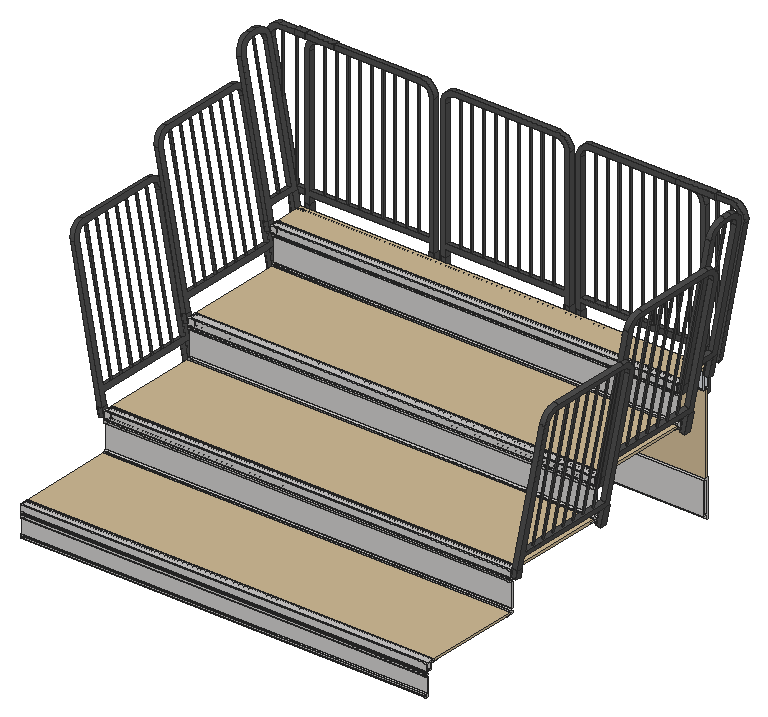
Revit family "Bleacher-Telescopic-Hussey-MAXAM_Plus-Portable-Simplified", category Specialty Equipment, Revit 2025
Family settings
  Round Connector Dimension = Use Diameter
  Part Type = Normal
  OmniClass Number = 23.40.50.34.14
  OmniClass Title = Gymnasium Equipment
  Work Plane-Based = No
  Enable Cutting in Views = No
  Always vertical = Yes
  Cut with Voids When Loaded = No
  Maintain Annotation Orientation = No
  Shared = No
  Room Calculation Point = No
Parameters (values of type "32" Row, 11 5/8" Rise")
  URL = "http://www.husseyseating.com/"
  Type Comments = "Bleacher Bank"  # constant formula
  Top Deck Height [instance] = if(Row Rise Constraint = 1, (Row Rise * Number of Tiers) + 0' 1", if(Row Rise Constraint = 2, (Row Rise * Number of Tiers) - 0' 1", Row Rise * Number of Tiers))  # 3' - 9 1/2"
  Tier Limitation Chart [instance] = "Contact Hussey Seating Company"  # constant formula
  Stanchion Color = Hussey - 301 Blue
  Show in Stowed Position [instance] = not(Show in Open Position)  # no
  Show in Open Position [instance] = yes
  Show End Rails Right [instance] = yes
  Show End Rails Left [instance] = yes
  Show Cup Holders [instance] = yes
  Show Arms [instance] = yes
  Seats Upright Visibility [instance] = and(Show in Open Position, Seats Upright)  # yes
  Seats Upright [instance] = not(Seats Folded Flat)  # yes
  Seats Folded Flat Visibility [instance] = or(Seats Folded Flat, Show in Stowed Position)  # no
  Seats Folded Flat [instance] = no
  Seat Width = 1' - 9"
  Seat Type = Bleacher Seat : Metro Chair
  Seat Down [instance] = yes
  Seat Color [instance] = Hussey - 301 Blue
  Scheduled Seat Width = if(Not Metro Chair, 1' 6", Seat Width)  # 1' - 9"
  Row Spacing Note = "Do Not Change Row Spacing Constraint"  # constant formula
  Row Spacing Graphic Dimension [instance] = if(Show in Stowed Position, (Closed Dimension - 0' 10 3/4" - (Row Spacing + 0' 1")) / (Number of Operable Tiers - 1), (Open Dimension - 0' 10 3/4" - (Row Spacing + 0' 1")) / (Number of Operable Tiers - 1))  # 2' - 8 17/32"
  Row Spacing Constraint = 2
  Row Spacing = if(Row Spacing Constraint = 1, 2' 6", if(Row Spacing Constraint = 2, 2' 8", if(Row Spacing Constraint = 3, 2' 9", 0' 0")))  # 2' - 8"
  Row Rise Note = "Do Not Change Row Rise Constraint"  # constant formula
  Row Rise Constraint = 2
  Row Rise = if(Row Rise Constraint = 1, 0' 9 5/8", if(Row Rise Constraint = 2, 0' 11 5/8", if(Row Rise Constraint = 3, 1' 4", 0' 0")))  # 0' - 11 5/8"
  Riser Material = Hussey - Galvanized Steel
  Rear Rail Width [instance] = Rear Rail Bay Dimension - 0' 2"  # 3' - 4"
  Rear Rail Bay Maximum Dimension [instance] = 3' - 4"  # constant formula
  Rear Rail Bay Dimension [instance] = Bank Length / Number of Rear Rails  # 3' - 6"
  Rear Panel Material = Hussey - Plywood - 001 Natural - Rear Panel
  Rear Panel Height [instance] = Top Deck Height - 1' 9 1/4"  # 2' - 0 1/4"
  Product Page URL = "http://www.husseyseating.com/maxam-telescopic-platform/"
  Overall Unit Height [instance] = if(Row Rise Constraint = 1, (Row Rise * Number of Tiers) + 0' 7 1/2", if(Row Rise Constraint = 2, (Row Rise * Number of Tiers) + 0' 5 1/2", (Row Rise * Number of Tiers) + 0' 6 1/2"))  # 4' - 4"
  Overall Unit Depth [instance] = if(Show in Stowed Position, Closed Dimension, Open Dimension)  # 9' - 0 13/16"
  Optional Rear Panel = yes
  Open Dimension [instance] = if(Row Spacing Constraint = 1, Row Spacing * (Number of Tiers - 1) + 1' 2 13/16", if(Row Spacing Constraint = 2, Row Spacing * (Number of Tiers - 1) + 1' 0 13/16", if(Row Spacing Constraint = 3, Row Spacing * (Number of Tiers - 1) + 0' 11 13/16", Row Spacing * (Number of Tiers - 1) + 0' 11 13/16")))  # 9' - 0 13/16"
  Number of Tiers [instance] = 4
  Number of Seats per Row [instance] = if(Calculated Chair Array Width > Calculated Chair Array Width Maximum, Calculated Number of Seats per Row - 1, Calculated Number of Seats per Row)  # 6
  Number of Rear Rails [instance] = Number of Rear Rail Bays - 1  # 3
  Number of Rear Rail Bays [instance] = (Bank Length / Rear Rail Bay Maximum Dimension) + 1  # 4
  Number of Operable Tiers [instance] = Number of Tiers - 1  # 3
  Number of Operable End Rails [instance] = Number of Operable Tiers - 1  # 2
  Not Metro Chair = not(Metro Chair)  # no
  Nose Beam Material = Hussey - Galvanized Steel
  Model = "MAXAM Plus"
  Metro Chair Top Deck Height [instance] = Top Deck Height - Row Rise  # 2' - 9 7/8"
  Metro Chair Standard Widths = "18'', 19'', 20'', 21'', 22''"  # constant formula
  Metro Chair Arms Note = "Not Available with 18'' Width"  # constant formula
  Metro Chair = yes
  Manufacturer Phone Number = "1.800.341.0401"  # constant formula
  Manufacturer Email Contact = "mailto:revit@husseyseating.com?Subject=Revit Inquiry"
  Manufacturer Address 1 = "38 Dyer Street Extension"  # constant formula
  Manufacturer Address  2 = "North Berwick, Maine 03906"  # constant formula
  Manufacturer = "Hussey Seating Company"  # constant formula
  Front Row Height [instance] = if(Row Rise = 1' 4", 1' 3 15/16", 0' 10 9/16")  # 0' - 10 9/16"
  Front Closure Material = Hussey - Galvanized Steel
  Front Closure Height [instance] = if(Show in Stowed Position, Front Row Height - 0' 4", Front Row Height - 0' 4")  # 0' - 6 9/16"
  Flex Row Note = "Not part of Revit Family - Contact Hussey Seating Co."
  Estimated Seat Count [instance] = if(Metro Chair, Number of Seats per Row * (Number of Tiers - 1), (Bank Length / 1' 6") * Number of Tiers)  # 18
  End Rail Color = Hussey - Bleacher Rail Color
  Description = "MAXAM Plus Telescopic Gym Bleacher Bank - Portable"
  Default Elevation = 0' - 0"
  Cup Holder Visibility [instance] = and(Armrest Visibility, Show Cup Holders)  # yes
  Creator URL = "http://www.revituspro.com/"
  Created By = "Revitus"  # constant formula
  Copyright Notice = "© Hussey Seating Co.  All Rights Reserved."  # constant formula
  Closed Dimension [instance] = if(and(Row Rise Constraint = 1, Row Spacing Constraint = 1), (Number of Tiers * 0' 0 1/2" + 4' 0"), if(and(Row Rise Constraint = 2, Row Spacing Constraint = 1), (Number of Tiers * 0' 0 1/2" + 4' 2"), if(and(Row Rise Constraint = 3, Row Spacing Constraint = 1), (Number of Tiers * 0' 0 1/2" + 4' 1"), if(and(Row Rise Constraint = 1, Row Spacing Constraint = 2), (Number of Tiers * 0' 0 1/2" + 3' 11"), if(and(Row Rise Constraint = 2, Row Spacing Constraint = 2), (Number of Tiers * 0' 0 1/2" + 4' 0"), if(and(Row Rise Constraint = 3, Row Spacing Constraint = 2), (Number of Tiers * 0' 0 1/2" + 3' 11"), if(and(Row Rise Constraint = 1, Row Spacing Constraint = 3), (Number of Tiers * 0' 0 1/2" + 3' 11"), if(and(Row Rise Constraint = 2, Row Spacing Constraint = 3), (Number of Tiers * 0' 0 1/2" + 3' 11"), if(and(Row Rise Constraint = 3, Row Spacing Constraint = 3), (Number of Tiers * 0' 0 1/2" + 3' 11"), (Number of Tiers * 0' 0 1/2") + 4' 0")))))))))  # 4' - 2"
  Calculated Chair Array Width [instance] = (Seat Width * Calculated Number of Seats per Row) - Seat Width  # 8' - 9"
  Calculated Number of Seats per Row [instance] = Bank Length / Seat Width  # 6
  Calculated Chair Array Width Maximum [instance] = Bank Length - Seat Width  # 8' - 9"
  CSI MasterFormat = "12 66 00"
  Bleacher Deck Material = Hussey - Plywood - 001 Natural - Bleacher Decking
  Bank Length Minimum = "10'-6''"  # constant formula
  Bank Length Maximum = "19'-5''"  # constant formula
  Bank Length Increment = "18'' Typical Increments"  # constant formula
  Bank Length [instance] = 10' - 6"
  BIM Version = "v3.1"  # constant formula
  Assembly Code = "E1020900"
  Armrest Visibility [instance] = and(Seat Width > 1' 6", Show Arms)  # yes
  Actual Chair Array Width [instance] = (Seat Width * Number of Seats per Row) - Seat Width  # 8' - 9"
  16" Row Rise Note = "Not Available for Portable Units"  # constant formula
Reference planes (in)
  plane 1 "Center (Front/Back)": y = -6.40625
  plane 2: z = 0
  plane 3 "Center (Left/Right)": x = -57
  plane 4 "Left": x = -120
  plane 5 "Right": x = 6
  plane 6 "Back": y = 48
  plane 7 "Front": y = -60.8125
  plane 8: z = 10.5625
  plane 9: y = -28.28125
  plane 10: z = 22.1875
  plane 11: y = 36.125
  plane 12: y = 4.25
  plane 13: z = 1
  plane 14 "Top Deck Height": z = 45.5
  plane 15 "End Rail Alignment - Left": through (-120, -180, 0) normal (-0.1908, 0, 0.9816)
  plane 16: z = 33.8125
  plane 17 "End Rail Alignment - Right": through (120, -180, 0) normal (-0.1908, 0, -0.9816)
  plane 18: x = -109.5
  plane 19: x = -4.5
  plane 20 "Top Tier Metro Chair Attachment (Front/Back)": y = 37.25
  plane 21 "Rear Rail - Left": x = -119
  plane 22 "Rear Rail - Right": x = 5
  plane 23: y = 49.0625
  plane 24: y = 48.1875
  plane 25: y = 49.9375
  plane 26 "Optional Rear Panel - Bottom": z = 14.5
  plane 27 "Optional Rear Panel - Top": z = 38.75
  plane 28 "Rear Lift Beam - Bottom": z = 3
  plane 29 "Optional Rear Panel - Back": y = 47.8125
  plane 30 "Optional Rear Panel - Front": y = 47.1875
  plane 31 "Rear Lift Beam - Top": z = 14.25
  plane 32 "Rear Lift Beam Channel - Bottom": z = 4.25
  plane 33 "Rear Lift Beam - Back": y = 48.0625
  plane 34 "Rear Lift Beam - Front": y = 46.3125
  plane 35: y = 46.5625
  plane 36: z = 4.5
  plane 37: z = 14
Forms (in)
  Extrusion 1, solid, material "Hussey - Plywood - 001 Natural - Rear Panel" <- "Rear Panel Material", visible <- "Optional Rear Panel"
    sketch origin (-66, 0, 0) x (0, 1, 0) y (0, 0, 1)
      loop
        line (47.1875, 14.5) -> (47.8125, 14.5) -> (47.8125, 38.75) -> (47.1875, 38.75) -> (47.1875, 14.5)
    from -54 to 72
  Extrusion 2, solid, material "Hussey - Galvanized Steel"
    sketch origin (-66, 0, -3.875) x (0, 1, 0) y (0, 0, 1)
      loop
        line (46.3125, 8.125) -> (47.8125, 8.125) -> (47.8125, 6.875) -> (48.0625, 6.875) -> (48.0625, 18.375) -> (47.8125, 18.375) -> (47.8125, 18.125) -> (46.3125, 18.125) -> (46.3125, 8.125)
      loop
        line (46.5625, 17.875) -> (46.5625, 8.375) -> (47.8125, 8.375) -> (47.8125, 17.875) -> (46.5625, 17.875)
    from -54 to 72
Lines and regions (in)
  reference lines, visible <- "Show End Rails Left"
    curve 1: line (-132, 48, 0) -> (-132, -60.8125, 0)
  reference lines, visible <- "Show End Rails Right"
    curve 2: line (18, 48, 0) -> (18, -60.8125, 0)
Dimensions and locks (in)
  equal spacing: plane 4 "Left", plane 3 "Center (Left/Right)", plane 5 "Right"
  "Bank Length": plane 4 "Left" to plane 5 "Right"
  equal spacing: plane 6 "Back", plane 1 "Center (Front/Back)", plane 7 "Front"
  "Overall Unit Depth": plane 6 "Back" to plane 7 "Front"
  "Row Spacing Graphic Dimension": plane 7 "Front" to plane 9
  locked: plane 11 to plane 6 "Back" at 11.875
  "Row Rise": plane 10 to plane 8
  "Front Row Height": plane 8 to level
  "Row Spacing Graphic Dimension": plane 9 to plane 12
  locked: plane 13 to level at 1
  equal spacing: group 1, group 2, group 3  (x3)
  "Top Deck Height": plane 14 "Top Deck Height" to level
  "Row Rise": plane 16 to plane 10
  group 4 to group 5 = 0' - 0"
  group 4 to group 5 = 2' - 8 17/32"
  group 4 to group 5 = 0' - 11 5/8"
  group 6 to group 7 = 0' - 0"
  group 6 to group 7 = 2' - 8 17/32"
  group 6 to group 7 = 0' - 11 5/8"
  locked: curve 1 to plane 4 "Left" at 12
  locked: plane 5 "Right" to curve 2 at 12
  equal spacing: group 8, group 9, group 10  (x3)
  equal spacing: plane 18, plane 3 "Center (Left/Right)", plane 19
  "Calculated Chair Array Width": plane 18 to plane 19
  locked: plane 20 "Top Tier Metro Chair Attachment (Front/Back)" to plane 6 "Back" at 10.75
  locked: plane 21 "Rear Rail - Left" to plane 4 "Left" at 1
  locked: plane 22 "Rear Rail - Right" to plane 5 "Right" at 1
  plane 6 "Back" to plane 24 to plane 25 = 0' - 0 3/16" locked, 0' - 1 3/4" locked
  equal spacing: plane 24, plane 23, plane 25
  equal spacing: group 11, group 13, group 12  (x3)
  plane 26 "Optional Rear Panel - Bottom" to plane 28 "Rear Lift Beam - Bottom" to level = 0' - 11 1/2" locked, 0' - 3" locked
  "Rear Panel Height": plane 27 "Optional Rear Panel - Top" to plane 26 "Optional Rear Panel - Bottom"
  plane 30 "Optional Rear Panel - Front" to plane 29 "Optional Rear Panel - Back" to plane 23 = 0' - 0 5/8" locked, 0' - 1 1/4" locked
  plane 26 "Optional Rear Panel - Bottom" to plane 31 "Rear Lift Beam - Top" to plane 32 "Rear Lift Beam Channel - Bottom" = 0' - 0 1/4" locked, 0' - 10" locked
  locked: plane 29 "Optional Rear Panel - Back" to plane 33 "Rear Lift Beam - Back" at 0.25
  locked: plane 34 "Rear Lift Beam - Front" to plane 35 at 0.25
  locked: plane 32 "Rear Lift Beam Channel - Bottom" to plane 36 at 0.25
  locked: plane 37 to plane 31 "Rear Lift Beam - Top" at 0.25
  group 14 to group 15 = 0' - 0"
  group 14 to group 15 = 2' - 8 17/32"
  group 14 to group 15 = 0' - 11 5/8"
  aligned and locked: level to plane 2
  aligned and locked: plane 13 to nested 1
  aligned and locked: nested 1 to plane 7 "Front"
  aligned and locked: nested 1 to plane 4 "Left"
  aligned and locked: nested 2 to plane 7 "Front"
  aligned and locked: plane 8 to nested 2
  aligned and locked: nested 2 to plane 4 "Left"
  aligned and locked: nested 4 to plane 9
  aligned and locked: plane 10 to nested 4
  aligned and locked: plane 11 to nested 3
  aligned and locked: plane 14 "Top Deck Height" to nested 3
  aligned and locked: plane 4 "Left" to nested 3
  aligned and locked: nested 6 to plane 9
  aligned and locked: plane 4 "Left" to nested 6
  aligned and locked: plane 4 "Left" to nested 7
  aligned and locked: plane 11 to nested 7
  aligned and locked: nested 6 to plane 10
  aligned and locked: nested 7 to plane 14 "Top Deck Height"
  aligned and locked: nested 8 to plane 16
  aligned and locked: plane 12 to nested 8
  aligned and locked: plane 10 to nested 9
  aligned and locked: nested 9 to plane 5 "Right"
  aligned and locked: nested 9 to plane 9
  aligned and locked: nested 10 to plane 12
  aligned and locked: plane 16 to nested 10
  aligned and locked: nested 10 to plane 5 "Right"
  aligned and locked: nested 11 to plane 11
  aligned and locked: nested 12 to plane 4 "Left"
  aligned and locked: plane 8 to nested 12
  aligned and locked: nested 12 to plane 7 "Front"
  aligned and locked: plane 4 "Left" to nested 13
  aligned and locked: plane 11 to nested 13
  aligned and locked: nested 14 to plane 9
  aligned and locked: plane 4 "Left" to nested 14
  aligned and locked: plane 10 to nested 14
  aligned and locked: nested 11 to nested 13
  aligned and locked: plane 14 "Top Deck Height" to nested 16
  aligned and locked: plane 23 to nested 16
  aligned and locked: plane 21 "Rear Rail - Left" to nested 16
  aligned and locked: plane 14 "Top Deck Height" to nested 17
  aligned and locked: plane 23 to nested 17
  aligned and locked: plane 22 "Rear Rail - Right" to nested 17
  aligned and locked: plane 21 "Rear Rail - Left" to nested 19
  aligned and locked: plane 14 "Top Deck Height" to nested 19
  aligned and locked: nested 19 to plane 23
  aligned and locked: nested 20 to plane 22 "Rear Rail - Right"
  aligned and locked: plane 14 "Top Deck Height" to nested 20
  aligned and locked: nested 20 to plane 23
  aligned and locked: plane 3 "Center (Left/Right)" to nested 21
  aligned and locked: nested 21 to plane 20 "Top Tier Metro Chair Attachment (Front/Back)"
  aligned and locked: Extrusion 1 sketch curve to plane 30 "Optional Rear Panel - Front"
  aligned and locked: Extrusion 1 sketch curve to plane 27 "Optional Rear Panel - Top"
  aligned and locked: Extrusion 1 sketch curve to plane 29 "Optional Rear Panel - Back"
  aligned and locked: Extrusion 1 sketch curve to plane 26 "Optional Rear Panel - Bottom"
  aligned and locked: Extrusion 2 sketch curve to plane 34 "Rear Lift Beam - Front"
  aligned and locked: Extrusion 2 sketch curve to plane 35
  aligned and locked: Extrusion 2 sketch curve to plane 31 "Rear Lift Beam - Top"
  aligned and locked: Extrusion 2 sketch curve to plane 37
  aligned and locked: Extrusion 2 sketch curve to plane 29 "Optional Rear Panel - Back"  (x3)
  aligned and locked: Extrusion 2 sketch curve to plane 33 "Rear Lift Beam - Back"
  aligned and locked: Extrusion 2 sketch curve to plane 26 "Optional Rear Panel - Bottom"
  aligned and locked: Extrusion 2 sketch curve to plane 28 "Rear Lift Beam - Bottom"
  aligned and locked: Extrusion 2 sketch curve to plane 36
  aligned and locked: Extrusion 2 sketch curve to plane 32 "Rear Lift Beam Channel - Bottom"
  aligned and locked: Extrusion 2 to plane 4 "Left"
  aligned and locked: Extrusion 1 to plane 4 "Left"
  aligned and locked: Extrusion 2 to plane 5 "Right"
  aligned and locked: Extrusion 1 to plane 5 "Right"
  aligned and locked: plane 3 "Center (Left/Right)" to nested 22
  aligned and locked: plane 8 to nested 22
  aligned and locked: nested 22 to nested 2
  aligned and locked: nested 23 to nested 4
  aligned and locked: plane 10 to nested 23
  aligned and locked: plane 3 "Center (Left/Right)" to nested 23
  aligned and locked: nested 9 to nested 11
Automatic sketch dimensions
  plane 7 "Front" to curve 2 = 0' - 0"
  curve 2 to plane 6 "Back" = 0' - 0"
  plane 7 "Front" to curve 1 = 0' - 0"
  curve 1 to plane 6 "Back" = 0' - 0"
Nested families (in)
  nested 1: "Bleacher-Front_Closure-Hussey" at (0, -48.8125, 1), Height <- "Front Closure Height", Bank Length <- "Bank Length", type "Bleacher-Front_Closure-Hussey"
    with Height 0' - 6 9/16", Bank Length 10' - 6"
  nested 2: "Bleacher_Tier-Hussey-MAXAM" at (0, -48.8125, 10.5625), Bank Length <- "Bank Length", type "Typical Operable Tier"
    with Bank Length 10' - 6", Row Spacing 2' - 8", Depth 2' - 8"
  nested 3: "Bleacher_Tier-Hussey-MAXAM" at (0, 48.125, 45.5), Bank Length <- "Bank Length", type "Fixed Wall Tier"
    with Bank Length 10' - 6", Show Wall Plate yes, Show Riser no, Depth 0' - 11 1/8"
  nested 4: "Bleacher_Tier-Hussey-MAXAM" at (0, -16.28125, 22.1875), Bank Length <- "Bank Length", type "Typical Operable Tier"
    with Bank Length 10' - 6", Row Spacing 2' - 8", Depth 2' - 8"
  nested 5: "Bleacher_Tier-Hussey-MAXAM" at (0, 16.25, 33.8125), Bank Length <- "Bank Length", type "Typical Operable Tier"
    with Bank Length 10' - 6", Row Spacing 2' - 8", Depth 2' - 8"
  nested 6: "Bleacher-End_Rail-Hussey-Self_Storing" at (-2.32744, -16.28125, 43.31432) x (0.9816, 0, 0.1908) z (-0.1908, 0, 0.9816), Depth <- "Row Spacing", visible <- "Show End Rails Left", type "Left End Rail"
    with Single Baluster no, Number of Balusters 7, Multiple Balusters yes, Depth 2' - 8", Baluster Spacing 0' - 4"
  nested 7: "Bleacher-End_Rail-Hussey-Self_Storing" at (-2.32744, 48.125, 66.62682) x (0.9816, 0, 0.1908) z (-0.1908, 0, 0.9816), visible <- "Show End Rails Left", type "Left End Rail"
    with Single Baluster yes, Number of Balusters 2, Multiple Balusters no, Depth 0' - 9 1/4", Baluster Spacing 0' - 4 3/8"
  nested 8: "Bleacher-End_Rail-Hussey-Self_Storing" at (-2.32744, 16.25, 54.93932) x (0.9816, 0, 0.1908) z (-0.1908, 0, 0.9816), Depth <- "Row Spacing", visible <- "Show End Rails Left", type "Left End Rail"
    with Single Baluster no, Number of Balusters 7, Multiple Balusters yes, Depth 2' - 8", Baluster Spacing 0' - 4"
  nested 9: "Bleacher-End_Rail-Hussey-Self_Storing" at (125.39041, -16.28125, -2.76605) x (0.9816, 0, -0.1908) z (0.1908, 0, 0.9816), visible <- "Show End Rails Right", Depth <- "Row Spacing", type "Right End Rail"
    with Single Baluster no, Number of Balusters 7, Multiple Balusters yes, Depth 2' - 8", Baluster Spacing 0' - 4", Right End Rail yes, Left End Rail no
  nested 10: "Bleacher-End_Rail-Hussey-Self_Storing" at (125.39041, 16.25, 8.85895) x (0.9816, 0, -0.1908) z (0.1908, 0, 0.9816), visible <- "Show End Rails Right", Depth <- "Row Spacing", type "Right End Rail"
    with Single Baluster no, Number of Balusters 7, Multiple Balusters yes, Depth 2' - 8", Baluster Spacing 0' - 4", Right End Rail yes, Left End Rail no
  nested 11: "Bleacher-End_Rail-Hussey-Self_Storing" at (125.39041, 48.125, 20.54645) x (0.9816, 0, -0.1908) z (0.1908, 0, 0.9816), visible <- "Show End Rails Right", type "Right End Rail"
    with Single Baluster yes, Number of Balusters 2, Multiple Balusters no, Depth 0' - 9 1/4", Baluster Spacing 0' - 4 3/8", Right End Rail yes, Left End Rail no
  nested 12: "Bleacher Seat" at (0, -48.8125, 10.5625), type <- "Seat Type", Bank Length <- "Bank Length", type "Metro Chair"
    with Bank Length 10' - 6", Show XC10 no, Show Metro Chair yes
  nested 13: "Bleacher Seat" at (0, 48.125, 45.5), type <- "Seat Type", Bank Length <- "Bank Length", built-in parameter 1001364 <- "Top Deck Height", type "Metro Chair"
    with Bank Length 10' - 6", Show XC10 no, Show Metro Chair yes
  nested 14: "Bleacher Seat" at (0, -16.28125, 22.1875), type <- "Seat Type", Bank Length <- "Bank Length", type "Metro Chair"
    with Bank Length 10' - 6", Show XC10 no, Show Metro Chair yes
  nested 15: "Bleacher Seat" at (0, 16.25, 33.8125), type <- "Seat Type", Bank Length <- "Bank Length", type "Metro Chair"
    with Bank Length 10' - 6", Show XC10 no, Show Metro Chair yes
  nested 16: "Bleacher-Rear_Rail-Hussey" at (-107, -71.6875, 37.125) x (0, -1, 0) z (0, 0, 1), type "Rear Rail"
    with Number of Balusters 9, Baluster Spacing 0' - 4", Width 3' - 4"
  nested 17: "Bleacher-Rear_Rail-Hussey" at (-23, -71.6875, 37.125) x (0, -1, 0) z (0, 0, 1), type "Rear Rail"
    with Number of Balusters 9, Baluster Spacing 0' - 4", Width 3' - 4"
  nested 18: "Bleacher-Rear_Rail-Hussey" at (-65, -71.6875, 37.125) x (0, -1, 0) z (0, 0, 1), type "Rear Rail"
    with Number of Balusters 9, Baluster Spacing 0' - 4", Width 3' - 4"
  nested 19: "Bleacher-Rear_Rail_Filler-Hussey" at (-107, -71.6875, 37.125) x (0, -1, 0) z (0, 0, 1), visible <- "Show End Rails Left", type "Rear Rail Filler"
  nested 20: "Bleacher-Rear_Rail_Filler-Hussey" at (-7, 169.8125, 37.125) x (0, 1, 0) z (0, 0, 1), visible <- "Show End Rails Right", type "Rear Rail Filler"
  nested 21: "Metro Chair-Single Row Array-Simplified" at (-57, 37.25, 33.875), visible <- "Metro Chair", built-in parameter 1001364 <- "Metro Chair Top Deck Height", type "Metro Chair-Single Row Array-Simplified"
    with Seats Upright yes, Seats Folded Flat no, Number of Seats per Row 6, Chair Array Width to First and Last Centers 8' - 9"
  nested 22: "Metro Chair-Single Row Array-Simplified" at (-57, -27.78125, 10.5625), visible <- "Metro Chair", Seats Upright <- "Seats Upright Visibility", Seats Folded Flat <- "Seats Folded Flat Visibility", type "Metro Chair-Single Row Array-Simplified"
    with Seats Upright yes, Seats Folded Flat no, Number of Seats per Row 6, Chair Array Width to First and Last Centers 8' - 9"
  nested 23: "Metro Chair-Single Row Array-Simplified" at (-57, 4.75, 22.1875), visible <- "Metro Chair", Seats Upright <- "Seats Upright Visibility", Seats Folded Flat <- "Seats Folded Flat Visibility", type "Metro Chair-Single Row Array-Simplified"
    with Seats Upright yes, Seats Folded Flat no, Number of Seats per Row 6, Chair Array Width to First and Last Centers 8' - 9"
Definition of nested family "Bleacher-Front_Closure-Hussey"
  Parameters
    URL = "http://www.husseyseating.com/"
    Model = ""
    Manufacturer = "Hussey Seating Company"  # constant formula
    Height [instance] = 0' - 6 5/8"
    Front Closure Material = none
    Description = "Front Closure Extrusion Under First Tier"
    Default Elevation = 0' - 0"
    Created By = "Revitus"  # constant formula
    Creator URL = "http://www.revituspro.com/"
    Bank Length [instance] = 20' - 0"
    Assembly Code = ""
  Reference planes (in)
    plane 1: z = 0
    plane 2 "Center (Left/Right)": x = 0
    plane 3 "Left": x = -120
    plane 4 "Right": x = 120
    plane 5 "Front": y = -12
    plane 6: z = 6.625
    plane 7: z = 6.53125
    plane 8: y = -11.90625
    plane 9: y = -11.59415
    plane 10: y = -11.5004
    plane 11: z = 6.125
    plane 12: z = 0.5
    plane 13: z = 0.09375
  Forms (in)
    Extrusion 1, solid, material <- "Front Closure Material"
      sketch origin (0, -12.09375, 9.751) x (0, 1, 0) y (0, 0, 1)
        loop
          arc (0.09375, -3.8615) -> (0.1114, -3.93365) -> (0.16038, -3.98949) r 0.15625
          line (0.16038, -3.98949) -> (0.47295, -4.20836)
          arc (0.47295, -4.20836) -> (0.49254, -4.23069) -> (0.4996, -4.25955) r 0.0625
          line (0.4996, -4.25955) -> (0.4996, -8.61745)
          arc (0.4996, -8.61745) -> (0.49254, -8.64631) -> (0.47295, -8.66864) r 0.0625
          line (0.47295, -8.66864) -> (0.16038, -8.88751)
          arc (0.16038, -8.88751) -> (0.1114, -8.94335) -> (0.09375, -9.0155) r 0.15625
          line (0.09375, -9.0155) -> (0.09375, -9.59475)
          arc (0.09375, -9.59475) -> (0.13951, -9.70524) -> (0.25, -9.751) r 0.15625
          line (0.25, -9.751) -> (0.4371, -9.751)
          arc (0.4371, -9.751) -> (0.54759, -9.70524) -> (0.59335, -9.59475) r 0.15625
          line (0.59335, -9.59475) -> (0.59335, -9.251) -> (0.4996, -9.251) -> (0.4996, -9.59475)
          arc (0.4996, -9.59475) -> (0.48129, -9.63894) -> (0.4371, -9.65725) r 0.0625
          line (0.4371, -9.65725) -> (0.25, -9.65725)
          arc (0.25, -9.65725) -> (0.20581, -9.63894) -> (0.1875, -9.59475) r 0.0625
          line (0.1875, -9.59475) -> (0.1875, -9.0155)
          arc (0.1875, -9.0155) -> (0.19456, -8.98664) -> (0.21415, -8.9643) r 0.0625
          line (0.21415, -8.9643) -> (0.52672, -8.74544)
          arc (0.52672, -8.74544) -> (0.5757, -8.68959) -> (0.59335, -8.61745) r 0.15625
          line (0.59335, -8.61745) -> (0.59335, -4.25955)
          arc (0.59335, -4.25955) -> (0.5757, -4.18741) -> (0.52672, -4.13156) r 0.15625
          line (0.52672, -4.13156) -> (0.21415, -3.9127)
          arc (0.21415, -3.9127) -> (0.19456, -3.89036) -> (0.1875, -3.8615) r 0.0625
          line (0.1875, -3.8615) -> (0.1875, -3.28225)
          arc (0.1875, -3.28225) -> (0.20581, -3.23806) -> (0.25, -3.21975) r 0.0625
          line (0.25, -3.21975) -> (0.4371, -3.21975)
          arc (0.4371, -3.21975) -> (0.48129, -3.23806) -> (0.4996, -3.28225) r 0.0625
          line (0.4996, -3.28225) -> (0.4996, -3.626) -> (0.59335, -3.626) -> (0.59335, -3.28225)
          arc (0.59335, -3.28225) -> (0.54759, -3.17176) -> (0.4371, -3.126) r 0.15625
          line (0.4371, -3.126) -> (0.25, -3.126)
          arc (0.25, -3.126) -> (0.13951, -3.17176) -> (0.09375, -3.28225) r 0.15625
          line (0.09375, -3.28225) -> (0.09375, -3.8615)
      from -120 to 120
  Dimensions and locks (in)
    "Bank Length": plane 3 "Left" to plane 4 "Right"
    equal spacing: plane 3 "Left", plane 2 "Center (Left/Right)", plane 4 "Right"
    "Height": plane 6 to level
    plane 5 "Front" to plane 8 to plane 9 to plane 10 = 0' - 0 3/32" locked, 0' - 0.3121" locked, 0' - 0 3/32" locked
    plane 6 to plane 7 to plane 11 = 0' - 0 3/32" locked, 0' - 0 13/32" locked
    plane 12 to plane 13 to level = 0' - 0 13/32" locked, 0' - 0 3/32" locked
    aligned and locked: plane 1 to level
    aligned and locked: Extrusion 1 to plane 3 "Left"
    aligned and locked: Extrusion 1 to plane 4 "Right"
    aligned and locked: plane 6 to Extrusion 1
  Automatic sketch dimensions
    Extrusion 1 sketch curve to Extrusion 1 sketch curve = 0' - 0"  (x16)
    Extrusion 1 sketch curve to plane 5 "Front" = 0' - 0"  (x2)
    Extrusion 1 sketch curve to plane 8 = 0' - 0"  (x2)
    Extrusion 1 sketch curve to level = 0' - 0"
    Extrusion 1 sketch curve to plane 6 = 0' - 0"
    Extrusion 1 sketch curve to plane 9 = 0' - 0"  (x3)
    Extrusion 1 sketch curve to plane 10 = 0' - 0"
    Extrusion 1 sketch curve to plane 12 = 0' - 0"
    Extrusion 1 sketch curve to plane 11 = 0' - 0"
    plane 8 to Extrusion 1 sketch curve = 0' - 0.02712"  (x2)
    Extrusion 1 sketch curve to plane 8 = 0' - 0.02665"  (x2)
    Extrusion 1 sketch curve to Extrusion 1 sketch curve = 0' - 0 1/16"  (x3)
    Extrusion 1 sketch curve to plane 8 = 0' - 0 1/16"  (x2)
    plane 9 to Extrusion 1 sketch curve = 0' - 0 1/16"  (x3)
    plane 9 to Extrusion 1 sketch curve = 0' - 0.02665"  (x2)
    Extrusion 1 sketch curve to plane 9 = 0' - 0.02712"  (x2)
    plane 12 to Extrusion 1 sketch curve = 0' - 0.2355"
    Extrusion 1 sketch curve to Extrusion 1 sketch curve = 0' - 0.21886"
    Extrusion 1 sketch curve to plane 11 = 0' - 0.63355"
    Extrusion 1 sketch curve to plane 11 = 0' - 0.36349"
Definition of nested family "Bleacher_Tier-Hussey-MAXAM"
  Parameters
    URL = "http://www.husseyseating.com/"
    Show Wall Plate = not(Show Riser)  # no
    Show Riser = yes
    Row Spacing = 2' - 0"
    Row Rise = 0' - 11 5/8"
    Riser Material = none
    Nose Beam Material = none
    Manufacturer = "Hussey Seating Company"  # constant formula
    Depth = if(Show Wall Plate, 0' 11 1/8", Row Spacing)  # 2' - 0"
    Default Elevation = 0' - 0"
    Decking Material = none
    Created By = "Revitus"  # constant formula
    Creator URL = "http://www.revituspro.com/"
    Bank Length [instance] = 20' - 0"
    Assembly Code = ""
  Reference planes (in)
    plane 1 "Center (Front/Back)": y = 0
    plane 2: z = 0
    plane 3 "Center (Left/Right)": x = 0
    plane 4 "Left": x = -120
    plane 5 "Right": x = 120
    plane 6 "Front": y = -12
    plane 7 "Row Spacing Back": y = 12
    plane 8: z = 11.625
    plane 9: z = -0.625
    plane 10: y = -9.25
    plane 11 "Face of Wall": y = 12.75
    plane 12: y = 13.03125
    plane 13: y = 13.125
    plane 14: z = -2.4375
    plane 15: y = -8.25
    plane 16: z = -0.09375
    plane 17: z = -0.1875
    plane 18: y = -10.5625
    plane 19: y = -10.65625
    plane 20: y = -11.90625
    plane 21: y = -9.34375
    plane 22: z = -0.71875
    plane 23: z = -2.34375
    plane 24: y = -9.4375
    plane 25: z = 8.75
    plane 26: z = 8.65625
    plane 27: z = 0.09375
    plane 28: y = 14.53125
    plane 29: y = 14.625
    plane 30: z = 8.25
    plane 31: y = 11.125
    plane 32 "Wall Plate - Front": y = 11
    plane 33: y = 12.625
    plane 34: z = -0.75
    plane 35: z = -6.125
    plane 36: z = -6.25
  Forms (in)
    Extrusion 1, solid, material <- "Decking Material"
      sketch origin (0, 0, 0) x (0, 1, 0) y (0, 0, 1)
        loop
          line (-9.25, 0) -> (-9.25, -0.625) -> (12.75, -0.625) -> (12.75, 0) -> (-9.25, 0)
      from -120 to 120
    Extrusion 2, solid, material <- "Nose Beam Material"
      sketch origin (0, 0, 0) x (0, 1, 0) y (0, 0, 1)
        loop
          arc (-11.8125, 0) -> (-11.94508, -0.05492) -> (-12, -0.1875) r 0.1875
          line (-12, -0.1875) -> (-12, -2.25)
          arc (-12, -2.25) -> (-11.94508, -2.38258) -> (-11.8125, -2.4375) r 0.1875
          line (-11.8125, -2.4375) -> (-10.75, -2.4375)
          arc (-10.75, -2.4375) -> (-10.61742, -2.38258) -> (-10.5625, -2.25) r 0.1875
          line (-10.5625, -2.25) -> (-10.5625, -0.28125)
          arc (-10.5625, -0.28125) -> (-10.53504, -0.21496) -> (-10.46875, -0.1875) r 0.09375
          line (-10.46875, -0.1875) -> (-9.4375, -0.1875) -> (-9.4375, -0.09375)
          arc (-9.4375, -0.09375) -> (-9.37121, -0.12121) -> (-9.34375, -0.1875) r 0.09375
          line (-9.34375, -0.1875) -> (-9.34375, -0.53125)
          arc (-9.34375, -0.53125) -> (-9.28883, -0.66383) -> (-9.15625, -0.71875) r 0.1875
          line (-9.15625, -0.71875) -> (-8.25, -0.71875) -> (-8.25, -0.625) -> (-9.15625, -0.625)
          arc (-9.15625, -0.625) -> (-9.22254, -0.59754) -> (-9.25, -0.53125) r 0.09375
          line (-9.25, -0.53125) -> (-9.25, -0.1875)
          arc (-9.25, -0.1875) -> (-9.30492, -0.05492) -> (-9.4375, 0) r 0.1875
          line (-9.4375, 0) -> (-11.8125, 0)
        loop
          arc (-11.8125, -0.09375) -> (-11.87879, -0.12121) -> (-11.90625, -0.1875) r 0.09375
          line (-11.90625, -0.1875) -> (-11.90625, -2.25)
          arc (-11.90625, -2.25) -> (-11.87879, -2.31629) -> (-11.8125, -2.34375) r 0.09375
          line (-11.8125, -2.34375) -> (-10.75, -2.34375)
          arc (-10.75, -2.34375) -> (-10.68371, -2.31629) -> (-10.65625, -2.25) r 0.09375
          line (-10.65625, -2.25) -> (-10.65625, -0.28125)
          arc (-10.65625, -0.28125) -> (-10.60133, -0.14867) -> (-10.46875, -0.09375) r 0.1875
          line (-10.46875, -0.09375) -> (-11.8125, -0.09375)
      from -120 to 120
    Extrusion 3, solid, material <- "Riser Material", visible <- "Show Riser"
      sketch origin (0, 0, 0) x (0, 1, 0) y (0, 0, 1)
        loop
          arc (12.43197, 8.75) -> (12.25086, 8.61103) -> (12.33822, 8.40012) r 0.1875
          line (12.33822, 8.40012) -> (12.98437, 8.02706)
          arc (12.98437, 8.02706) -> (13.01869, 7.99275) -> (13.03125, 7.94587) r 0.09375
          line (13.03125, 7.94587) -> (13.03125, 0.80413)
          arc (13.03125, 0.80413) -> (13.01869, 0.75725) -> (12.98437, 0.72294) r 0.09375
          line (12.98437, 0.72294) -> (12.33822, 0.34988)
          arc (12.33822, 0.34988) -> (12.25086, 0.13897) -> (12.43197, 0) r 0.1875
          line (12.43197, 0) -> (12.9375, 0)
          arc (12.9375, 0) -> (13.00379, -0.02746) -> (13.03125, -0.09375) r 0.09375
          line (13.03125, -0.09375) -> (13.03125, -0.53125)
          arc (13.03125, -0.53125) -> (13.00379, -0.59754) -> (12.9375, -0.625) r 0.09375
          line (12.9375, -0.625) -> (11.125, -0.625) -> (11.125, -0.71875) -> (12.9375, -0.71875)
          arc (12.9375, -0.71875) -> (13.07008, -0.66383) -> (13.125, -0.53125) r 0.1875
          line (13.125, -0.53125) -> (13.125, -0.09375)
          arc (13.125, -0.09375) -> (13.07008, 0.03883) -> (12.9375, 0.09375) r 0.1875
          line (12.9375, 0.09375) -> (12.43197, 0.09375)
          arc (12.43197, 0.09375) -> (12.34142, 0.16324) -> (12.3851, 0.26869) r 0.09375
          line (12.3851, 0.26869) -> (13.03125, 0.64175)
          arc (13.03125, 0.64175) -> (13.09988, 0.71038) -> (13.125, 0.80413) r 0.1875
          line (13.125, 0.80413) -> (13.125, 7.94587)
          arc (13.125, 7.94587) -> (13.09988, 8.03962) -> (13.03125, 8.10825) r 0.1875
          line (13.03125, 8.10825) -> (12.3851, 8.48131)
          arc (12.3851, 8.48131) -> (12.34142, 8.58676) -> (12.43197, 8.65625) r 0.09375
          line (12.43197, 8.65625) -> (14.4375, 8.65625)
          arc (14.4375, 8.65625) -> (14.50379, 8.62879) -> (14.53125, 8.5625) r 0.09375
          line (14.53125, 8.5625) -> (14.53125, 8.25) -> (14.625, 8.25) -> (14.625, 8.5625)
          arc (14.625, 8.5625) -> (14.57008, 8.69508) -> (14.4375, 8.75) r 0.1875
          line (14.4375, 8.75) -> (12.43197, 8.75)
      from -120 to 120
    Extrusion 4, solid, visible <- "Show Wall Plate"
      sketch origin (0, 0, 0) x (0, 1, 0) y (0, 0, 1)
        loop
          arc (11, -6) -> (11.07322, -6.17678) -> (11.25, -6.25) r 0.25
          line (11.25, -6.25) -> (12.5, -6.25)
          arc (12.5, -6.25) -> (12.67678, -6.17678) -> (12.75, -6) r 0.25
          line (12.75, -6) -> (12.75, -0.875)
          arc (12.75, -0.875) -> (12.67678, -0.69822) -> (12.5, -0.625) r 0.25
          line (12.5, -0.625) -> (11.25, -0.625)
          arc (11.25, -0.625) -> (11.07322, -0.69822) -> (11, -0.875) r 0.25
          line (11, -0.875) -> (11, -6)
        loop
          arc (11.125, -6) -> (11.16161, -6.08839) -> (11.25, -6.125) r 0.125
          line (11.25, -6.125) -> (12.5, -6.125)
          arc (12.5, -6.125) -> (12.58839, -6.08839) -> (12.625, -6) r 0.125
          line (12.625, -6) -> (12.625, -0.875)
          arc (12.625, -0.875) -> (12.58839, -0.78661) -> (12.5, -0.75) r 0.125
          line (12.5, -0.75) -> (11.25, -0.75)
          arc (11.25, -0.75) -> (11.16161, -0.78661) -> (11.125, -0.875) r 0.125
          line (11.125, -0.875) -> (11.125, -6)
      from -120 to 120
  Dimensions and locks (in)
    "Bank Length": plane 4 "Left" to plane 5 "Right"
    equal spacing: plane 4 "Left", plane 3 "Center (Left/Right)", plane 5 "Right"
    equal spacing: plane 6 "Front", plane 1 "Center (Front/Back)", plane 7 "Row Spacing Back"
    "Depth": plane 7 "Row Spacing Back" to plane 6 "Front"
    "Row Rise": plane 8 to level
    plane 6 "Front" to plane 10 to plane 15 = 0' - 2 3/4" locked, 0' - 1" locked
    plane 7 "Row Spacing Back" to plane 11 "Face of Wall" to plane 12 to plane 13 = 0' - 0 3/4" locked, 0' - 0 9/32" locked, 0' - 0 3/32" locked
    level to plane 9 to plane 14 = 0' - 0 5/8" locked, 0' - 1 13/16" locked
    level to plane 16 to plane 17 = 0' - 0 3/32" locked, 0' - 0 3/32" locked
    plane 6 "Front" to plane 20 to plane 19 to plane 18 = 0' - 0 3/32" locked, 0' - 1 1/4" locked, 0' - 0 3/32" locked
    plane 24 to plane 21 to plane 10 = 0' - 0 3/32" locked, 0' - 0 3/32" locked
    locked: plane 9 to plane 22 at 0.09375
    locked: plane 23 to plane 14 at 0.09375
    plane 8 to plane 25 to plane 26 = 0' - 2 7/8" locked, 0' - 0 3/32" locked
    locked: plane 27 to level at 0.09375
    plane 12 to plane 28 to plane 29 = 0' - 1 1/2" locked, 0' - 0 3/32" locked
    locked: plane 25 to plane 30 at 0.5
    plane 9 to plane 34 to plane 35 to plane 36 = 0' - 0 1/8" locked, 0' - 5 3/8" locked, 0' - 0 1/8" locked
    plane 32 "Wall Plate - Front" to plane 31 to plane 33 to plane 11 "Face of Wall" = 0' - 0 1/8" locked, 0' - 1 1/2" locked, 0' - 0 1/8" locked
    aligned and locked: plane 2 to level
    aligned and locked: Extrusion 1 sketch curve to level
    aligned and locked: Extrusion 1 sketch curve to plane 10
    aligned and locked: Extrusion 1 sketch curve to plane 9
    aligned and locked: Extrusion 1 sketch curve to plane 11 "Face of Wall"
    aligned and locked: Extrusion 1 to plane 4 "Left"
    aligned and locked: Extrusion 1 to plane 5 "Right"
    aligned and locked: Extrusion 2 sketch curve to level
    aligned and locked: Extrusion 2 sketch curve to plane 16
    aligned and locked: Extrusion 2 sketch curve to plane 17
    aligned and locked: Extrusion 2 sketch curve to plane 6 "Front"
    aligned and locked: plane 20 to Extrusion 2 sketch curve
    aligned and locked: plane 19 to Extrusion 2 sketch curve
    aligned and locked: plane 18 to Extrusion 2 sketch curve
    aligned and locked: plane 21 to Extrusion 2 sketch curve
    aligned and locked: Extrusion 2 sketch curve to plane 10
    aligned and locked: Extrusion 2 sketch curve to plane 15
    aligned and locked: Extrusion 2 sketch curve to plane 23
    aligned and locked: Extrusion 2 sketch curve to plane 14
    aligned and locked: Extrusion 2 sketch curve to plane 9
    aligned and locked: Extrusion 2 sketch curve to plane 22
    aligned and locked: plane 24 to Extrusion 2 sketch curve
    aligned and locked: Extrusion 2 to plane 4 "Left"
    aligned and locked: Extrusion 2 to plane 5 "Right"
    aligned and locked: Extrusion 3 sketch curve to plane 25
    aligned and locked: Extrusion 3 sketch curve to plane 26
    aligned and locked: Extrusion 3 sketch curve to plane 13
    aligned and locked: Extrusion 3 sketch curve to plane 12
    aligned and locked: Extrusion 3 sketch curve to plane 29
    aligned and locked: Extrusion 3 sketch curve to plane 28
    aligned and locked: plane 22 to Extrusion 3 sketch curve
    aligned and locked: Extrusion 3 sketch curve to plane 9
    aligned and locked: Extrusion 3 sketch curve to level
    aligned and locked: Extrusion 3 sketch curve to plane 27
    aligned and locked: Extrusion 3 sketch curve to plane 30
    aligned and locked: plane 31 to Extrusion 3 sketch curve
    aligned and locked: Extrusion 3 to plane 4 "Left"
    aligned and locked: Extrusion 3 to plane 5 "Right"
    aligned and locked: Extrusion 4 sketch curve to plane 32 "Wall Plate - Front"
    aligned and locked: Extrusion 4 sketch curve to plane 31
    aligned and locked: Extrusion 4 sketch curve to plane 36
    aligned and locked: Extrusion 4 sketch curve to plane 35
    aligned and locked: Extrusion 4 sketch curve to plane 33
    aligned and locked: Extrusion 4 sketch curve to plane 11 "Face of Wall"
    aligned and locked: Extrusion 4 sketch curve to plane 34
    aligned and locked: Extrusion 4 sketch curve to plane 9
    aligned and locked: Extrusion 4 to plane 4 "Left"
    aligned and locked: Extrusion 4 to plane 5 "Right"
  Automatic sketch dimensions
    Extrusion 2 sketch curve to Extrusion 2 sketch curve = 0' - 0"  (x8)
    Extrusion 2 sketch curve to plane 17 = 0' - 0"
    Extrusion 2 sketch curve to plane 16 = 0' - 0"
    plane 20 to Extrusion 2 sketch curve = 0' - 0 3/32"
    Extrusion 2 sketch curve to Extrusion 2 sketch curve = 0' - 0 3/32"
    Extrusion 2 sketch curve to plane 17 = 0' - 0 3/32"
    Extrusion 2 sketch curve to plane 10 = 0' - 0 3/32"
    Extrusion 3 sketch curve to Extrusion 3 sketch curve = 0' - 0"  (x11)
    Extrusion 3 sketch curve to plane 12 = 0' - 0"  (x3)
    Extrusion 3 sketch curve to plane 13 = 0' - 0"
    plane 16 to Extrusion 3 sketch curve = 0' - 0"
    plane 12 to Extrusion 3 sketch curve = 0' - 0 3/32"  (x3)
    plane 11 "Face of Wall" to Extrusion 3 sketch curve = 0' - 0.31803"  (x2)
    Extrusion 3 sketch curve to Extrusion 3 sketch curve = 0' - 0 3/64"  (x4)
    plane 12 to Extrusion 3 sketch curve = 0' - 0 3/64"  (x2)
    Extrusion 3 sketch curve to Extrusion 3 sketch curve = 0' - 0 3/32"
    plane 27 to Extrusion 3 sketch curve = 0' - 0 3/32"
    plane 27 to Extrusion 3 sketch curve = 0' - 0.548"
    Extrusion 3 sketch curve to plane 26 = 0' - 0.71038"
    Extrusion 3 sketch curve to plane 26 = 0' - 0.25613"
    Extrusion 4 sketch curve to Extrusion 4 sketch curve = 0' - 0"  (x4)
    Extrusion 4 sketch curve to plane 31 = 0' - 0 1/8"  (x2)
    plane 33 to Extrusion 4 sketch curve = 0' - 0 1/8"  (x2)
Definition of nested family "Bleacher-End_Rail-Hussey-Self_Storing"
  Parameters
    URL = "http://www.husseyseating.com/"
    Single Baluster [instance] = not(Multiple Balusters)  # no
    Right End Rail = no
    Number of Balusters [instance] = if(Single Baluster, 2, (Depth / 0' 4") - 1)  # 5
    Multiple Balusters [instance] = not(Depth < 0' 10")  # yes
    Model = ""
    Manufacturer = "Hussey Seating Company"  # constant formula
    Left End Rail = yes
    Height = 4' - 2 13/16"
    End Rail Color = none
    Description = "Self-Storing End Rail"
    Depth [instance] = 2' - 0"
    Default Elevation = 4' - 0"
    Created By = "Revitus"  # constant formula
    Creator URL = "http://www.revituspro.com/"
    Baluster Spacing [instance] = if(Depth < 1' 0", (Depth - 0' 0 1/2") / 2, 0' 4")  # 0' - 4"
    Baluster Height = Height - 0' 9"  # 3' - 5 13/16"
    Assembly Code = ""
  Reference planes (in)
    plane 1: z = 0
    plane 2 "Left": x = -120
    plane 3 "Front": y = -12
    plane 4 "Top": z = 50.8125
    plane 5: x = -121.5
    plane 6: x = -120.75
    plane 7: y = 12
    plane 8: y = 13
    plane 9: y = 14.5
    plane 10: y = -10.5
    plane 11: z = 49.3125
    plane 12: z = 6
    plane 13: z = 7.5
    plane 14 "First Baluster": y = -6.5
    plane 15 "Last Baluster": y = 9
    plane 16: y = -10.375
    plane 17: y = -12.125
    plane 18: x = -121.625
    plane 19: x = -119.875
    plane 20: y = 14.625
    plane 21: y = 12.875
    plane 22: z = -0.125
    plane 23: z = 2.5
    plane 24: y = -11.90625
    plane 25: y = -11.78125
    plane 26: y = 13.125
    plane 27: y = 13.25
    plane 28: through (-118.20388, -180, -1.88453) normal (-0.9816, 0, 0.1908)
    plane 29: through (-123.29612, -180, -1.88453) normal (-0.9816, 0, -0.1908)
  Forms (in)
    Sweep 1, solid, material <- "End Rail Color"
      path origin (-120, 0, 0) x (0, 1, 0) y (0, 0, 1)
        loop
          line (14.5, 0) -> (14.5, 46.4375)
          arc (14.5, 46.4375) -> (13.21859, 49.53109) -> (10.125, 50.8125) r 4.375
          line (10.125, 50.8125) -> (-7.625, 50.8125)
          arc (-7.625, 50.8125) -> (-10.71859, 49.53109) -> (-12, 46.4375) r 4.375
          line (-12, 46.4375) -> (-12, 0)
      profile origin (-120, -12, 23.21875) x (1, 0, 0) y (0, 1, 0)
        loop
          line (-1.5, 0) -> (0, 0) -> (0, 1.5) -> (-1.5, 1.5) -> (-1.5, 0)
    Extrusion 2, solid, material <- "End Rail Color"
      sketch origin (0, -12, 0) x (-1, 0, 0) y (0, 0, 1)
        loop
          line (121.5, 7.5) -> (120, 7.5) -> (120, 6) -> (121.5, 6) -> (121.5, 7.5)
      from 1.5 to 25
    Extrusion 3, solid, detail levels medium+fine
      sketch origin (0, 0, 0) x (1, 0, 0) y (0, 1, 0)
        loop
          line (-121.625, -12.125) -> (-119.875, -12.125) -> (-119.875, -10.375) -> (-121.625, -10.375) -> (-121.625, -12.125)
        loop
          line (-120, -10.5) -> (-121.5, -10.5) -> (-121.5, -12) -> (-120, -12) -> (-120, -10.5)
      from 0 to 2.5
    Extrusion 4, solid, detail levels medium+fine
      sketch origin (0, 0, 0) x (1, 0, 0) y (0, 1, 0)
        loop
          line (-121.625, -12.125) -> (-119.875, -12.125) -> (-119.875, -10.375) -> (-121.625, -10.375) -> (-121.625, -12.125)
      from -0.125 to 0
    Extrusion 5, solid, detail levels medium+fine
      sketch origin (0, 0, 0) x (1, 0, 0) y (0, 1, 0)
        loop
          line (-121.625, 14.625) -> (-121.625, 12.875) -> (-119.875, 12.875) -> (-119.875, 14.625) -> (-121.625, 14.625)
      from -0.125 to 0
    Extrusion 6, solid, detail levels medium+fine
      sketch origin (0, 0, 0) x (1, 0, 0) y (0, 1, 0)
        loop
          line (-121.625, 14.625) -> (-121.625, 12.875) -> (-119.875, 12.875) -> (-119.875, 14.625) -> (-121.625, 14.625)
        loop
          line (-120, 14.5) -> (-121.5, 14.5) -> (-121.5, 13) -> (-120, 13) -> (-120, 14.5)
      from 0 to 6
    Extrusion 7, solid, visible <- "Left End Rail", detail levels medium+fine
      sketch origin (0, -12, 0) x (-1, 0, 0) y (0, 0, 1)
        loop
          line (119.875, 0.15551) -> (119.875, 1.68359) -> (117.5964, 1.24068) -> (117.88262, -0.23177) -> (119.875, 0.15551)
      from 0.09375 to 0.21875
    Extrusion 8, solid, visible <- "Right End Rail", detail levels medium+fine
      sketch origin (-241.5, -12, 0) x (1, 0, 0) y (0, 0, -1)
        loop
          line (119.875, -0.15551) -> (117.88262, 0.23177) -> (117.5964, -1.24068) -> (119.875, -1.68359) -> (119.875, -0.15551)
      from 0.09375 to 0.21875
    Extrusion 9, solid, visible <- "Left End Rail", detail levels medium+fine
      sketch origin (0, -1, 0) x (-1, 0, 0) y (0, 0, -1)
        loop
          line (119.875, -0.15551) -> (117.88262, 0.23177) -> (117.5964, -1.24068) -> (119.875, -1.68359) -> (119.875, -0.15551)
      from -14.25 to -14.125
    Extrusion 10, solid, visible <- "Right End Rail", detail levels medium+fine
      sketch origin (-241.5, -1, 0) x (1, 0, 0) y (0, 0, 1)
        loop
          line (119.875, 0.15551) -> (119.875, 1.68359) -> (117.5964, 1.24068) -> (117.88262, -0.23177) -> (119.875, 0.15551)
      from -14.25 to -14.125
  Cuts and joins
    joined: Sweep 1, Extrusion 2
    joined: Extrusion 3, Extrusion 4
    joined: Extrusion 5, Extrusion 6
  Lines and regions (in)
    reference lines
      curve 1: line (-119.875, -12, 0) -> (-117.58529, -12, 11.77953)
      curve 5: line (-121.625, -12, 0) -> (-123.91471, -12, 11.77953)
    reference lines, not visible
      curve 2: line (-119.55966, -12, 1.62229) -> (-116.61478, -12, 1.04987)
      curve 3: line (-119.84587, -12, 0.14985) -> (-118.86424, -12, -0.04096)
      curve 6: line (-121.94034, -12, 1.62229) -> (-124.88522, -12, 1.04987)
      curve 7: line (-121.65413, -12, 0.14985) -> (-122.63576, -12, -0.04096)
    reference lines, visible <- "Left End Rail"
      curve 4: line (-119.54177, -12, 1.71432) -> (-116.59689, -12, 1.14189)
    reference lines, visible <- "Right End Rail"
      curve 8: line (-121.95823, -12, 1.71432) -> (-124.90311, -12, 1.14189)
  Dimensions and locks (in)
    "Height": plane 4 "Top" to level
    plane 2 "Left" to plane 6 to plane 5 = 0' - 0 3/4" locked, 0' - 0 3/4" locked
    "Depth": plane 3 "Front" to plane 7
    locked: plane 3 "Front" to plane 10 at 1.5
    plane 7 to plane 8 to plane 9 = 0' - 1" locked, 0' - 1 1/2" locked
    locked: plane 4 "Top" to plane 11 at 1.5
    locked: plane 13 to plane 12 at 1.5
    "Baluster Spacing": plane 10 to plane 14 "First Baluster"
    "Baluster Spacing": plane 15 "Last Baluster" to plane 8
    "Baluster Height": plane 11 to plane 13
    equal spacing: group 1, group 3, group 4, group 5, group 2  (x3)
    locked: plane 3 "Front" to plane 17 at 0.125
    locked: plane 16 to plane 10 at 0.125
    locked: plane 18 to plane 5 at 0.125
    locked: plane 2 "Left" to plane 19 at 0.125
    locked: plane 9 to plane 20 at 0.125
    locked: plane 21 to plane 8 at 0.125
    locked: plane 1 to plane 22 at 0.125
    locked: plane 23 to plane 1 at 2.5
    locked: curve 1 to curve 1 at 12
    plane 3 "Front" to plane 24 to plane 25 = 0' - 0 3/32" locked, 0' - 0 1/8" locked
    plane 7 to plane 26 to plane 27 = 0' - 1 1/8" locked, 0' - 0 1/8" locked
    locked: curve 2 to curve 1 at 3
    locked: plane 28 to curve 1 at 2
    curve 3 to curve 2 to curve 4 = 0' - 1 1/2" locked, 0' - 0 3/32" locked
    locked: curve 5 to curve 5 at 12
    curve 7 to curve 6 to curve 8 = 0' - 1 1/2" locked, 0' - 0 3/32" locked
    locked: curve 5 to plane 29 at 2
    locked: curve 5 to curve 6 at 3
    locked: plane 1 to curve 1 (angle 79.00°)
    locked: curve 2 to curve 1 (angle 90.00°)
    locked: curve 5 to level (angle 79.00°)
    aligned and locked: plane 1 to level
    aligned and locked: Sweep 1 sketch curve to plane 3 "Front"
    aligned and locked: Sweep 1 sketch curve to plane 4 "Top"
    aligned and locked: Sweep 1 sketch curve to plane 9
    aligned and locked: plane 1 to Sweep 1 sketch curve  (x2)
    aligned and locked: plane 5 to Sweep 1 sketch curve
    aligned and locked: plane 10 to Sweep 1 sketch curve
    aligned and locked: plane 2 "Left" to Sweep 1 sketch curve
    aligned and locked: plane 3 "Front" to Sweep 1 sketch curve
    aligned and locked: plane 13 to Extrusion 2 sketch curve
    aligned and locked: plane 12 to Extrusion 2 sketch curve
    aligned and locked: plane 5 to Extrusion 2 sketch curve
    aligned and locked: plane 2 "Left" to Extrusion 2 sketch curve
    aligned and locked: plane 10 to Extrusion 2
    aligned and locked: Extrusion 2 to plane 8
    aligned and locked: plane 13 to nested 1
    aligned and locked: plane 14 "First Baluster" to nested 1
    aligned and locked: nested 1 to plane 6
    aligned and locked: plane 15 "Last Baluster" to nested 2
    aligned and locked: plane 13 to nested 2
    aligned and locked: plane 13 to nested 3
    aligned and locked: plane 15 "Last Baluster" to nested 3
    aligned and locked: nested 3 to plane 6
    aligned and locked: Extrusion 3 sketch curve to plane 18
    aligned and locked: Extrusion 3 sketch curve to plane 16
    aligned and locked: plane 19 to Extrusion 3 sketch curve
    aligned and locked: plane 17 to Extrusion 3 sketch curve
    aligned and locked: Extrusion 3 sketch curve to plane 2 "Left"
    aligned and locked: Extrusion 3 sketch curve to plane 5
    aligned and locked: Extrusion 3 sketch curve to plane 3 "Front"
    aligned and locked: Extrusion 3 sketch curve to plane 10
    aligned and locked: Extrusion 3 to plane 1
    aligned and locked: plane 23 to Extrusion 3
    aligned and locked: Extrusion 4 sketch curve to plane 18
    aligned and locked: plane 19 to Extrusion 4 sketch curve
    aligned and locked: Extrusion 4 sketch curve to plane 16
    aligned and locked: plane 17 to Extrusion 4 sketch curve
    aligned and locked: plane 1 to Extrusion 4
    aligned and locked: Extrusion 4 to plane 22
    aligned and locked: Extrusion 5 sketch curve to plane 20
    aligned and locked: plane 21 to Extrusion 5 sketch curve
    aligned and locked: plane 18 to Extrusion 5 sketch curve
    aligned and locked: plane 19 to Extrusion 5 sketch curve
    aligned and locked: Extrusion 5 to plane 22
    aligned and locked: plane 1 to Extrusion 5
    aligned and locked: Extrusion 6 sketch curve to plane 20
    aligned and locked: Extrusion 6 sketch curve to plane 9
    aligned and locked: Extrusion 6 sketch curve to plane 8
    aligned and locked: plane 21 to Extrusion 6 sketch curve
    aligned and locked: Extrusion 6 sketch curve to plane 5
    aligned and locked: Extrusion 6 sketch curve to plane 2 "Left"
    aligned and locked: plane 18 to Extrusion 6 sketch curve
    aligned and locked: plane 19 to Extrusion 6 sketch curve
    aligned and locked: Extrusion 6 to plane 1
    aligned and locked: plane 12 to Extrusion 6
    aligned and locked: plane 1 to curve 1
    aligned and locked: Extrusion 7 sketch curve to plane 19
    aligned and locked: plane 24 to Extrusion 7
    aligned and locked: Extrusion 7 to plane 25
    aligned and locked: Extrusion 7 sketch curve to curve 2
    aligned and locked: plane 28 to Extrusion 7 sketch curve
    aligned and locked: Extrusion 7 sketch curve to curve 3
    aligned and locked: plane 29 to Extrusion 8 sketch curve
    aligned and locked: Extrusion 8 sketch curve to curve 6
    aligned and locked: Extrusion 8 sketch curve to plane 18
    aligned and locked: Extrusion 8 sketch curve to curve 7
    aligned and locked: Extrusion 8 to plane 25
    aligned and locked: plane 24 to Extrusion 8
    aligned and locked: Extrusion 9 to plane 27
    aligned and locked: plane 26 to Extrusion 9
    aligned and locked: plane 19 to Extrusion 9 sketch curve
    aligned and locked: Extrusion 9 sketch curve to curve 2
    aligned and locked: Extrusion 9 sketch curve to curve 3
    aligned and locked: Extrusion 9 sketch curve to plane 28
    aligned and locked: Extrusion 10 to plane 27
    aligned and locked: plane 26 to Extrusion 10
    aligned and locked: Extrusion 10 sketch curve to plane 18
    aligned and locked: Extrusion 10 sketch curve to curve 7
    aligned and locked: plane 29 to Extrusion 10 sketch curve
    aligned and locked: Extrusion 10 sketch curve to curve 6
  Automatic sketch dimensions
    Sweep 1 sketch curve to plane 14 "First Baluster" = 0' - 1 1/8"
    plane 15 "Last Baluster" to Sweep 1 sketch curve = 0' - 1 1/8"
    curve 5 to level = 0' - 0"
    level to curve 2 = 0' - 1.04987"
    level to curve 4 = 0' - 1.14189"
    curve 3 to level = 0' - 0.04096"
    plane 18 to curve 7 = 0' - 0.02913"
    curve 7 to level = 0' - 0.04096"
    level to curve 8 = 0' - 1.14189"
  Nested families (in)
    nested 1: "Bleacher-End_Rail-Hussey-Baluster" at (-0.75, 5.5, 7.5), visible <- "Multiple Balusters", type "Bleacher-End_Rail-Hussey-Baluster"
      with Height 3' - 5 13/16"
    nested 2: "Bleacher-End_Rail-Hussey-Baluster" at (-0.75, 21, 7.5), visible <- "Multiple Balusters", type "Bleacher-End_Rail-Hussey-Baluster"
      with Height 3' - 5 13/16"
    nested 3: "Bleacher-End_Rail-Hussey-Baluster" at (-0.75, 21, 7.5), visible <- "Single Baluster", type "Bleacher-End_Rail-Hussey-Baluster"
      with Height 3' - 5 13/16"
    nested 4: "Bleacher-End_Rail-Hussey-Baluster" at (-0.75, 9.375, 7.5), visible <- "Multiple Balusters", type "Bleacher-End_Rail-Hussey-Baluster"
      with Height 3' - 5 13/16"
    nested 5: "Bleacher-End_Rail-Hussey-Baluster" at (-0.75, 13.25, 7.5), visible <- "Multiple Balusters", type "Bleacher-End_Rail-Hussey-Baluster"
      with Height 3' - 5 13/16"
    nested 6: "Bleacher-End_Rail-Hussey-Baluster" at (-0.75, 17.125, 7.5), visible <- "Multiple Balusters", type "Bleacher-End_Rail-Hussey-Baluster"
      with Height 3' - 5 13/16"
  Definition of nested family "Bleacher-End_Rail-Hussey-Baluster"
    Parameters
      URL = "http://www.husseyseating.com/"
      Model = ""
      Manufacturer = "Hussey Seating Company"  # constant formula
      Height = 3' - 3"
      Description = "Single Baluster for Bleacher End Rail"
      Default Elevation = 0' - 0"
      Created By = "Revitus"  # constant formula
      Creator URL = "http://www.revituspro.com/"
      Baluster Width = 0' - 0 3/8"
      Baluster Material = none
      Baluster Depth = 0' - 0 3/8"
      Assembly Code = ""
    Reference planes (in)
      plane 1: z = 0
      plane 2 "Center (Left/Right)": x = -120
      plane 3 "Center (Front/Back)": y = -12
      plane 4 "Top": z = 39
      plane 5 "Left": x = -120.1875
      plane 6 "Back": y = -11.8125
      plane 7 "Right": x = -119.8125
      plane 8 "Front": y = -12.1875
    Forms (in)
      Extrusion 1, solid, material <- "Baluster Material"
        sketch origin (0, 0, 0) x (1, 0, 0) y (0, 1, 0)
          loop
            line (-119.8125, -11.8125) -> (-120.1875, -11.8125) -> (-120.1875, -12.1875) -> (-119.8125, -12.1875) -> (-119.8125, -11.8125)
        from 0 to 39
    Dimensions and locks (in)
      "Height": plane 4 "Top" to level
      equal spacing: plane 5 "Left", plane 2 "Center (Left/Right)", plane 7 "Right"
      "Baluster Width": plane 5 "Left" to plane 7 "Right"
      equal spacing: plane 8 "Front", plane 3 "Center (Front/Back)", plane 6 "Back"
      "Baluster Depth": plane 8 "Front" to plane 6 "Back"
      aligned and locked: plane 1 to level
      aligned and locked: Extrusion 1 sketch curve to plane 6 "Back"
      aligned and locked: plane 7 "Right" to Extrusion 1 sketch curve
      aligned and locked: plane 8 "Front" to Extrusion 1 sketch curve
      aligned and locked: Extrusion 1 sketch curve to plane 5 "Left"
      aligned and locked: plane 4 "Top" to Extrusion 1
      aligned and locked: Extrusion 1 to level
Definition of nested family "Bleacher-Rear_Rail-Hussey"
  Parameters
    URL = "http://www.husseyseating.com/"
    Number of Balusters [instance] = (Width / 0' 4") - 1  # 8
    Model = ""
    Manufacturer = "Hussey Seating Company"  # constant formula
    Height = 4' - 8 9/16"
    End Rail Color = none
    Description = "Rear Rail"
    Width = 3' - 0"
    Default Elevation = 0' - 0"
    Created By = "Revitus"  # constant formula
    Creator URL = "http://www.revituspro.com/"
    Baluster Spacing [instance] = if(Width < 1' 0", (Width - 0' 0 1/2") / 2, 0' 4")  # 0' - 4"
    Baluster Height = Height - 1' 2 3/4"  # 3' - 5 13/16"
    Assembly Code = ""
  Reference planes (in)
    plane 1: z = 0
    plane 2 "Left": x = -120
    plane 3 "Front": y = -12
    plane 4 "Top": z = 56.5625
    plane 5: x = -121.5
    plane 6: x = -120.75
    plane 7: y = 22.5
    plane 8: y = 24
    plane 9: y = -10.5
    plane 10: z = 55.0625
    plane 11: z = 11.75
    plane 12: z = 13.25
    plane 13 "First Baluster": y = -6.5
    plane 14 "Last Baluster": y = 18.5
    plane 15: y = -10.375
    plane 16: y = -12.125
    plane 17: x = -121.625
    plane 18: x = -119.875
    plane 19: y = 24.125
    plane 20: y = 22.375
    plane 21: z = -0.125
    plane 22: z = 9.5
    plane 23 "Center (Front/Back)": y = 6
    plane 24 "Top Deck Height": z = 8.375
  Forms (in)
    Sweep 1, solid, material <- "End Rail Color"
      path origin (-120, 0, 0) x (0, 1, 0) y (0, 0, 1)
        loop
          line (24, 0) -> (24, 52.1875)
          arc (24, 52.1875) -> (22.71859, 55.28109) -> (19.625, 56.5625) r 4.375
          line (19.625, 56.5625) -> (-7.625, 56.5625)
          arc (-7.625, 56.5625) -> (-10.71859, 55.28109) -> (-12, 52.1875) r 4.375
          line (-12, 52.1875) -> (-12, 0)
      profile origin (-120, -12, 26.09375) x (1, 0, 0) y (0, 1, 0)
        loop
          line (-1.5, 0) -> (0, 0) -> (0, 1.5) -> (-1.5, 1.5) -> (-1.5, 0)
    Extrusion 2, solid, material <- "End Rail Color"
      sketch origin (0, -12, 0) x (-1, 0, 0) y (0, 0, 1)
        loop
          line (121.5, 13.25) -> (120, 13.25) -> (120, 11.75) -> (121.5, 11.75) -> (121.5, 13.25)
      from 1.5 to 34.5
    Extrusion 3, solid, detail levels medium+fine
      sketch origin (0, 0, 0) x (1, 0, 0) y (0, 1, 0)
        loop
          line (-121.625, -12.125) -> (-119.875, -12.125) -> (-119.875, -10.375) -> (-121.625, -10.375) -> (-121.625, -12.125)
        loop
          line (-120, -10.5) -> (-121.5, -10.5) -> (-121.5, -12) -> (-120, -12) -> (-120, -10.5)
      from 0 to 9.5
